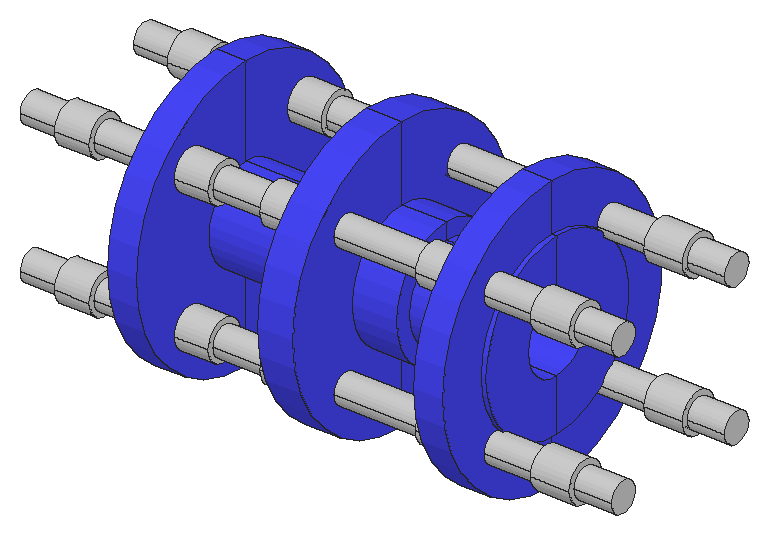
Revit family "265-91-001 DN40-65", category Pipe Accessories, Revit 2022
Family settings
  Round Connector Dimension = Use Diameter
  Part Type = Valve - Breaks Into
  Work Plane-Based = No
  Always vertical = Yes
  Cut with Voids When Loaded = No
  Shared = No
Parameters (values of type "DN040_PN16")
  raised_R = D * 0.65  # 48.75 mm
  URL_product_pages = "https://www.avkvalves.com/P.aspx?no=265900401014036400"
  T1 = FL_T * 0.75  # 14.25 mm
  T = FL_T * 0.3  # 5.7 mm
  Search_table = "265-91-001 DN40-65"
  S11 = S * 1.35  # 21.6 mm
  S = size_lookup(Search_table, "S", 0 mm, DN)  # 16 mm
  Raised_dis = size_lookup(Search_table, "Raised_dis", 0 mm, DN)  # 3 mm
  PN = size_lookup(Search_table, "PN", 0 mm, DN)  # 16 mm
  PCD = size_lookup(Search_table, "PCD", 0 mm, DN) / 2  # 55 mm
  L3 = FL_T / 2  # 9.5 mm
  L2 = L * 0.065  # 21.125 mm
  L11 = size_lookup(Search_table, "L11", 0 mm, DN)  # 190 mm
  L1 = L11 * 0.68  # 129.2 mm
  FL_T/2 = FL_T / 2  # 9.5 mm
  L = size_lookup(Search_table, "L", 0 mm, DN)  # 325 mm
  FL_T = size_lookup(Search_table, "FL_T", 0 mm, DN)  # 19 mm
  Description_ = "AVK DISMANTLING JOINT WITH CENTRE FLANGE, PN10/16"
  Default Elevation = 0 mm
  DN050_PN16 = "265-9-0050-10-14036400"
  DN040_PN16 = "265-9-0040-10-14036400"
  DN065_PN16 = "265-9-0065-10-14036400"
  DN = 40 mm
  D = size_lookup(Search_table, "D", 0 mm, DN) / 2  # 75 mm
  Bore = DN / 2  # 20 mm
  Bolt.no = size_lookup(Search_table, "Bolt.no", 0 mm, DN)  # 4 mm
  B1 = L * 0.08  # 26 mm
  25 = 25 mm  # constant formula
Types (4, lengths in mm): name | raised_R | PCD | L2 | L11 | L1 | L | DN | D | Bore | B1
  (no name) | 48.75 | 55 | 21.125 | 190 | 129.2 | 325 | 40 | 75 | 20 | 26
  DN040_PN16 | 48.75 | 55 | 21.125 | 190 | 129.2 | 325 | 40 | 75 | 20 | 26
  DN050_PN16 | 53.625 | 62.5 | 19.825 | 180 | 122.4 | 305 | 50 | 82.5 | 25 | 24.4
  DN065_PN16 | 60.125 | 72.5 | 19.825 | 180 | 122.4 | 305 | 65 | 92.5 | 32.5 | 24.4
Reference planes
  plane 1 "Center (Front/Back)": y = 0
  plane 2: z = 0
  plane 3 "Center (Left/Right)": x = 0
  plane 4: z = 75
  plane 5: z = -75
  plane 6: x = -95
  plane 7: x = 95
  plane 8: x = -95
  plane 9: x = 95
  plane 10: z = 20
  plane 11: y = 55
  plane 12: y = -55
  plane 13: z = 55
  plane 14: z = -55
  plane 15: through (0, 0, 0) normal (0, 0.7071, -0.7071)
  plane 16: through (0, 0, 0) normal (0, 0.7071, 0.7071)
  plane 17: x = -162.5
  plane 18: x = 162.5
  plane 19: through (0, 0, 0) normal (0, 0.7071, -0.7071)
  plane 20: through (0, 0, 0) normal (0, 0.7071, 0.7071)
  plane 21: x = 76
  plane 22: x = -141.375
  plane 23: x = 141.375
  plane 24: x = -76
  plane 25: x = -9.5
Forms (mm)
  Revolve 1, solid, material "Laminate, Blue, Matte"
    sketch origin (0, 0, 0) x (1, 0, 0) y (0, 0, 1)
      loop
        line (-95, 48.75) -> (-95, 20) -> (95, 20) -> (95, 48.75) -> (92, 48.75) -> (92, 75) -> (76, 75) -> (76, 25.7) -> (-76, 25.7) -> (-76, 75) -> (-92, 75) -> (-92, 48.75) -> (-95, 48.75)
      axis (-95, 0) -> (95, 0)
    angle from 0 to 360
  Revolve 2, solid, material "Laminate, Blue, Matte"
    sketch origin (0, 0, 0) x (1, 0, 0) y (0, 0, 1)
      loop
        line (-9.5, 75) -> (-9.5, 25.7) -> (34.2, 25.7) -> (34.2, 34.25) -> (9.5, 34.25) -> (9.5, 75) -> (-9.5, 75)
      axis (-9.5, 0) -> (34.2, 0)
    angle from 0 to 360
  Extrusion 3, solid, material "Default Wall"
    sketch origin (0, 0, 0) x (0, 1, 0) y (0, 0, 1)
      loop
        circle (38.891, 38.891) r 8
      loop
        circle (-38.891, 38.891) r 8
      loop
        circle (-38.891, -38.891) r 8
      loop
        circle (38.891, -38.891) r 8
    from -162.5 to 162.5
  Extrusion 4, solid, material "Default Wall"
    sketch origin (-35, 0, 0) x (0, 1, 0) y (0, 0, 1)
      loop
        circle (38.891, 38.891) r 10.8
      loop
        circle (-38.891, 38.891) r 10.8
      loop
        circle (38.891, -38.891) r 10.8
      loop
        circle (-38.891, -38.891) r 10.8
    from 92 to 111
  Extrusion 5, solid, material "Default Wall"
    sketch origin (0, 0, 0) x (0, 1, 0) y (0, 0, 1)
      loop
        circle (38.891, 38.891) r 10.8
      loop
        circle (-38.891, 38.891) r 10.8
      loop
        circle (-38.891, -38.891) r 10.8
      loop
        circle (38.891, -38.891) r 10.8
    from -122.375 to -141.375
  Extrusion 6, solid, material "Default Wall"
    sketch origin (141.375, -1524, 188.585) x (0, 0, 1) y (0, 1, 0)
      loop
        circle (-149.694, 1562.891) r 10.8
      loop
        circle (-149.694, 1485.109) r 10.8
      loop
        circle (-227.476, 1485.109) r 10.8
      loop
        circle (-227.476, 1562.891) r 10.8
    from 0 to 21.125
  Extrusion 7, solid, material "Default Wall"
    sketch origin (-76, -1524, 234.624) x (0, 0, 1) y (0, -1, 0)
      loop
        circle (-195.733, -1562.891) r 10.8
      loop
        circle (-195.733, -1485.109) r 10.8
      loop
        circle (-273.515, -1485.109) r 10.8
      loop
        circle (-273.515, -1562.891) r 10.8
    from 0 to 19
  Extrusion 8, solid, material "Default Wall"
    sketch origin (-19, -1524, 234.624) x (0, 0, 1) y (0, -1, 0)
      loop
        circle (-195.733, -1562.891) r 10.8
      loop
        circle (-195.733, -1485.109) r 10.8
      loop
        circle (-273.515, -1562.891) r 10.8
      loop
        circle (-273.515, -1485.109) r 10.8
    from -9.5 to 9.5
Dimensions and locks
  equal spacing: plane 4, level, plane 5
  "D": plane 4 to level
  equal spacing: plane 7, plane 3 "Center (Left/Right)", plane 6
  "L11": plane 7 to plane 6
  equal spacing: plane 9, plane 3 "Center (Left/Right)", plane 8
  "L11": plane 9 to plane 8
  "Bore": plane 10 to level
  equal spacing: Revolve 1 sketch curve, plane 3 "Center (Left/Right)", Revolve 1 sketch curve  (x3)
  "T": Revolve 1 sketch curve to plane 10
  "Raised_dis": Revolve 1 sketch curve to plane 6
  "FL_T": Revolve 1 sketch curve to plane 6
  "T1": Revolve 2 sketch curve to plane 10
  "T": Revolve 2 sketch curve to plane 10
  "L1": Revolve 2 sketch curve to plane 6
  equal spacing: Revolve 2 sketch curve, plane 3 "Center (Left/Right)", Revolve 2 sketch curve
  "FL_T/2": plane 3 "Center (Left/Right)" to Revolve 2 sketch curve
  equal spacing: plane 11, plane 1 "Center (Front/Back)", plane 12
  equal spacing: plane 13, level, plane 14
  "PCD": plane 16 to Extrusion 3 sketch curve
  "PCD": plane 13 to level
  "PCD": plane 11 to plane 1 "Center (Front/Back)"
  "PCD": plane 15 to Extrusion 3 sketch curve
  "PCD": Extrusion 3 sketch curve to plane 15
  "PCD": Extrusion 3 sketch curve to plane 16
  equal spacing: plane 18, plane 3 "Center (Left/Right)", plane 17
  "L": plane 18 to plane 17
  "FL_T": plane 9 to plane 21
  "FL_T": plane 21 to Extrusion 4
  equal spacing: Extrusion 4 sketch curve, plane 20, Extrusion 4 sketch curve  (x2)
  "PCD": Extrusion 4 sketch curve to plane 19
  equal spacing: Extrusion 4 sketch curve, plane 19, Extrusion 4 sketch curve
  "PCD": Extrusion 4 sketch curve to plane 20
  "L2": plane 22 to plane 17
  equal spacing: plane 23, plane 3 "Center (Left/Right)", plane 22
  equal spacing: Extrusion 5 sketch curve, plane 19, Extrusion 5 sketch curve  (x3)
  equal spacing: Extrusion 5 sketch curve, plane 20, Extrusion 5 sketch curve  (x3)
  "PCD": Extrusion 5 sketch curve to plane 19
  "PCD": plane 20 to Extrusion 5 sketch curve
  "FL_T": Extrusion 5 to plane 22
  "L2": Extrusion 6 to plane 23
  "FL_T": plane 24 to plane 8
  "FL_T": Extrusion 7 to plane 24
  "FL_T/2": plane 3 "Center (Left/Right)" to plane 25
  "FL_T": plane 25 to Extrusion 8
  "raised_R": Revolve 1 sketch curve to level
  plane 4 to plane 5 = 150 mm
  equal spacing: Extrusion 3 sketch curve, plane 15, Extrusion 3 sketch curve  (x2)
  equal spacing: Extrusion 3 sketch curve, plane 20, Extrusion 3 sketch curve  (x2)
  "S": diameter of Extrusion 3 sketch curve  (x4)
  "S11": diameter of Extrusion 4 sketch curve  (x4)
  "S11": diameter of Extrusion 5 sketch curve  (x4)
  diameter of Extrusion 3 = 16 mm
  aligned and locked: level to plane 2
  aligned and locked: Revolve 1 sketch curve to level
  aligned and locked: Revolve 1 sketch curve to Revolve 1 sketch curve  (x2)
  aligned and locked: plane 10 to Revolve 1 sketch curve
  aligned and locked: plane 6 to Revolve 1 sketch curve
  aligned and locked: Revolve 1 sketch curve to plane 4
  aligned and locked: Revolve 2 sketch curve to plane 4
  aligned and locked: Extrusion 3 to plane 17
  aligned and locked: plane 18 to Extrusion 3
  aligned and locked: plane 21 to Extrusion 4
  aligned and locked: Extrusion 5 to plane 22
  aligned and locked: Extrusion 6 sketch curve to Extrusion 5  (x8)
  aligned and locked: Extrusion 6 to plane 23
  aligned and locked: Extrusion 7 sketch curve to Extrusion 5  (x8)
  aligned and locked: Extrusion 7 to plane 24
  aligned and locked: Extrusion 8 sketch curve to Extrusion 5  (x8)
  aligned and locked: plane 25 to Extrusion 8
Automatic sketch dimensions
  Revolve 1 sketch curve to plane 6 = 5.606 mm
  Revolve 1 sketch curve to plane 7 = 4.556 mm
  Revolve 2 sketch curve to level = 0 mm
  plane 22 to Revolve 2 sketch curve = 6.103 mm
  Revolve 2 sketch curve to plane 7 = 1.915 mm
  plane 20 to Extrusion 4 sketch curve = 0 mm
  plane 19 to Extrusion 4 sketch curve = 0 mm  (x2)
  radius of Extrusion 4 sketch curve = 10.8 mm  (x3)
Nested families
  nested 1: "Avk logo smaller one" at (-40, 25.676, 1.099) x (-1, 0, 0) z (0, 0.9991, 0.0428), type "Avk logo smaller one"
Connectors
  piping at (-95, 0, 0), diameter 40, driven by "DN"
    settings: on Revolve 1, index 1, connector inside diameter 609.6 mm, connector length 0 mm, flow factor 0, pipe flow 0.0 L/s, pressure drop 0.0 Pa, fitting loss kfactor 0, connector angle 0.00°, fixture units 0, engagement length 0 mm, angle of deflection 0.00°, flow configuration 0, flow direction 0, fitting loss method 0, system type 7, joint type 0, gender type 0, connector reference index -1, connector utility 0, adjustable connector no, is connector primary yes, connector description ""
  piping at (92, 0, 0), diameter 40, driven by "DN"
    settings: on Revolve 1, index 2, connector inside diameter 609.6 mm, connector length 0 mm, flow factor 0, pipe flow 0.0 L/s, pressure drop 0.0 Pa, fitting loss kfactor 0, connector angle 0.00°, fixture units 0, engagement length 0 mm, angle of deflection 0.00°, flow configuration 0, flow direction 0, fitting loss method 0, system type 7, joint type 0, gender type 0, connector reference index -1, connector utility 0, adjustable connector no, is connector primary no, connector description ""
Definition of nested family "Avk logo smaller one"
  Parameters (values of type "Avk logo smaller one")
    Default Elevation = 10 mm  # constant formula
    5 = 5 mm  # constant formula
    10 = 10 mm  # constant formula
    1 = 1 mm  # constant formula
  Reference planes
    plane 1 "Center (Front/Back)": y = 0
    plane 2: z = 0
    plane 3 "Center (Left/Right)": x = 0
    plane 4: z = -5
    plane 5: y = 5
    plane 6: x = 10
    plane 7: x = -10
    plane 8: y = -5
  Forms (mm)
    Extrusion 1, solid
      sketch origin (0, 0, 0) x (1, 0, 0) y (0, 1, 0)
        loop
          line (-26.697, 30) -> (-26.697, -20.859) -> (26.519, -20.859) -> (26.519, 30) -> (-26.697, 30)
      from 0 to -13.628
    Extrusion 2, solid
      sketch origin (0.726, 0, 0) x (1, 0, 0) y (0, 1, 0)
        loop
          line (-10.726, 5) -> (-10.726, 3.049) -> (-4.87, 3.049) -> (-1.624, -5) -> (0.402, -5) -> (3.491, 3.049) -> (9.911, 3.049) -> (9.911, 5) -> (1.941, 5) -> (-0.627, -1.891) -> (-3.272, 5) -> (-10.726, 5)
        loop
          line (-10.726, 2.311) -> (-10.726, 0.229) -> (-8.927, 0.229) -> (-10.658, -5) -> (-8.613, -5) -> (-8.045, -3.593) -> (-5.189, -3.593) -> (-4.46, -5) -> (-2.401, -5) -> (-5.284, 2.311) -> (-10.726, 2.311)
        loop
          line (-7.637, -1.797) -> (-5.952, -1.797) -> (-6.807, 0.432) -> (-7.637, -1.797)
        loop
          line (1.381, -5) -> (3.416, -5) -> (4.458, -2.017) -> (6.333, -5) -> (8.907, -5) -> (6.715, -1.581)
          arc (6.715, -1.581) -> (8.018, -0.944) -> (8.873, 0.229) r 3.014
          line (8.873, 0.229) -> (9.911, 0.229) -> (9.911, 2.311) -> (7.594, 2.311)
          arc (7.594, 2.311) -> (6.805, 0.579) -> (5.137, -0.337) r 3.018
          line (5.137, -0.337) -> (6.207, 2.311) -> (4.172, 2.311) -> (1.381, -5)
      from 0 to 2
  Dimensions and locks
    "5": level to plane 4
    equal spacing: plane 8, plane 1 "Center (Front/Back)", plane 5
    equal spacing: plane 7, plane 3 "Center (Left/Right)", plane 6
    "5": plane 1 "Center (Front/Back)" to plane 5
    "10": plane 7 to plane 3 "Center (Left/Right)"
    aligned and locked: plane 2 to Extrusion 1
    aligned and locked: level to Extrusion 1
    aligned and locked: Extrusion 2 sketch curve to Extrusion 2 sketch curve  (x10)
    aligned and locked: Extrusion 2 to plane 8
    aligned and locked: plane 5 to Extrusion 2
    aligned and locked: Extrusion 2 to plane 7
  Automatic sketch dimensions
    Extrusion 1 sketch curve to Extrusion 1 sketch curve = 53.215 mm
    Extrusion 1 sketch curve to Extrusion 1 sketch curve = 50.859 mm
    Extrusion 2 sketch curve to plane 5 = 0 mm
    Extrusion 2 sketch curve to plane 7 = 0 mm
    Extrusion 2 sketch curve to plane 8 = 0 mm
    plane 7 to Extrusion 2 sketch curve = 0.068 mm
    Extrusion 2 sketch curve to plane 1 "Center (Front/Back)" = 0.229 mm  (x2)
    plane 7 to Extrusion 2 sketch curve = 1.798 mm
    Extrusion 2 sketch curve to Extrusion 2 sketch curve = 2.044 mm
    Extrusion 2 sketch curve to Extrusion 2 sketch curve = 0.569 mm
    Extrusion 2 sketch curve to Extrusion 2 sketch curve = 0.407 mm
    Extrusion 2 sketch curve to plane 1 "Center (Front/Back)" = 0.432 mm
    Extrusion 2 sketch curve to Extrusion 2 sketch curve = 2.12 mm
    plane 1 "Center (Front/Back)" to Extrusion 2 sketch curve = 1.797 mm
    Extrusion 2 sketch curve to Extrusion 2 sketch curve = 1.686 mm
    Extrusion 2 sketch curve to Extrusion 2 sketch curve = 1.523 mm
    plane 8 to Extrusion 2 sketch curve = 1.407 mm
    Extrusion 2 sketch curve to Extrusion 2 sketch curve = 0.762 mm
    Extrusion 2 sketch curve to plane 5 = 1.951 mm
    Extrusion 2 sketch curve to Extrusion 2 sketch curve = 0.414 mm
    Extrusion 2 sketch curve to Extrusion 2 sketch curve = 0.73 mm
    Extrusion 2 sketch curve to Extrusion 2 sketch curve = 1.599 mm
    Extrusion 2 sketch curve to plane 3 "Center (Left/Right)" = 1.676 mm
    Extrusion 2 sketch curve to Extrusion 2 sketch curve = 0.777 mm
    plane 3 "Center (Left/Right)" to Extrusion 2 sketch curve = 0.099 mm
    plane 3 "Center (Left/Right)" to Extrusion 2 sketch curve = 1.127 mm
    Extrusion 2 sketch curve to Extrusion 2 sketch curve = 0.979 mm
    plane 3 "Center (Left/Right)" to Extrusion 2 sketch curve = 2.666 mm
    Extrusion 2 sketch curve to Extrusion 2 sketch curve = 2.035 mm
    Extrusion 2 sketch curve to Extrusion 2 sketch curve = 1.551 mm
    Extrusion 2 sketch curve to plane 1 "Center (Front/Back)" = 2.311 mm
    Extrusion 2 sketch curve to Extrusion 2 sketch curve = 0.681 mm
    plane 1 "Center (Front/Back)" to Extrusion 2 sketch curve = 2.017 mm
    Extrusion 2 sketch curve to Extrusion 2 sketch curve = 1.043 mm
    Extrusion 2 sketch curve to Extrusion 2 sketch curve = 0.42 mm
    plane 1 "Center (Front/Back)" to Extrusion 2 sketch curve = 0.337 mm
    Extrusion 2 sketch curve to Extrusion 2 sketch curve = 0.679 mm
    Extrusion 2 sketch curve to Extrusion 2 sketch curve = 0.944 mm
    Extrusion 2 sketch curve to Extrusion 2 sketch curve = 0.126 mm
    Extrusion 2 sketch curve to Extrusion 2 sketch curve = 2.917 mm
    plane 1 "Center (Front/Back)" to Extrusion 2 sketch curve = 1.581 mm
    Extrusion 2 sketch curve to Extrusion 2 sketch curve = 1.578 mm
    Extrusion 2 sketch curve to Extrusion 2 sketch curve = 1.386 mm
    Extrusion 2 sketch curve to plane 6 = 0.402 mm
    Extrusion 2 sketch curve to plane 6 = 0.368 mm
    plane 6 to Extrusion 2 sketch curve = 0.637 mm
    plane 1 "Center (Front/Back)" to Extrusion 2 sketch curve = 1.891 mm
